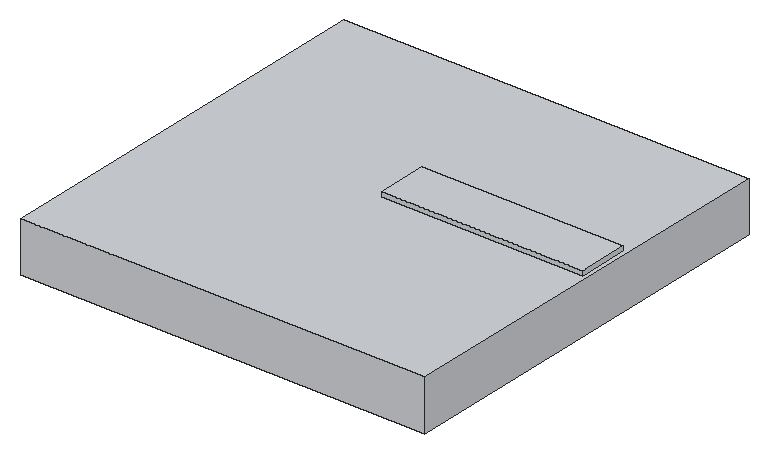
Revit family
Parameters
  Width = 1' - 0"
  URL = "www.coldspringgranite.com"
  TypicalJointSize = 0' - 0 1/4"
  StopDripRightVisibilityOn = and(and(DripOn), not(StopDripRightVisibilityOff))  # no
  StopDripRightVisibilityOff = and(DripStopRight = 0' 0", and(DripOn))  # yes
  StopDripLeftVisibilityOn = and(and(DripOn), not(StopDripLeftVisibilityOff))  # no
  StopDripLeftVisibilityOff = and(DripStopLeft = 0' 0", and(DripOn))  # yes
  StoneMaterial = none
  SettingSpace = Height + AirGap  # 0' - 2"
  Product Name = "Match Website"
  Product Documentation Link = "Website Address"
  PhoneNumber = "800-551-7502"
  Notes = ""
  Model = "N/A"
  Manufacturer = "Cold Spring Granite Company"
  Low Emitting Material = yes
  Low Emitting Finish = yes
  Location = "17482 Granite West Road, Cold Spring, MN 56320-4578"
  Length = 4' - 0"
  LEED Credit = ""
  Keynote = "044256"
  JointRightOff = no
  JointRight = if(JointRightOff, 0' 0", TypicalJointSize / 2)  # 0' - 0 1/8"
  JointLeftOff = no
  JointLeft = if(JointLeftOff, 0' 0", TypicalJointSize / 2)  # 0' - 0 1/8"
  Height = 0' - 1 3/16"
  DripWidth = 0' - 0 1/4"
  DripVisibilityOff = not(DripOn)  # no
  DripToEdge = 0' - 0 1/2"
  DripStopRight = 0' - 0"
  DripStopLeft = 0' - 0"
  DripOnProfile = if(DripOn, 0' 0", Height)  # 0' - 0"
  DripOn = yes
  DripDepth = 0' - 0 1/4"
  Description = "Stone Coping Flat"
  Default Elevation = 0' - 0"
  CapOverhang = 0' - 1"
  Assembly Code = "B2010160"
  AirGap = 0' - 0 13/16"
Reference planes (in)
  plane 1 "Center (Front/Back)": y = 0
  plane 2: z = 0
  plane 3 "Center (Left/Right)": x = 0
  plane 4 "StoneBack": y = 11
  plane 5 "StoneFront": y = -1
  plane 6 "StoneTop": z = 2
  plane 7 "StoneBottom": z = 0.8125
  plane 8 "Right": x = 48
  plane 9 "StoneRight": x = 47.875
  plane 10 "StoneLeft": x = 0.125
  plane 11 "StopDripLeft": x = 0.125
  plane 12 "StopDripRight": x = 47.875
  plane 13 "DripFront": y = -0.5
  plane 14 "DripBack": y = -0.25
  plane 15 "DripTop": z = 1.0625
  plane 16 "DripBottom": z = 0.8125
Forms (in)
  Extrusion 1, solid
    sketch origin (0, 0, 0) x (1, 0, 0) y (0, 1, 0)
      loop
        line (-48, 48) -> (-48, -48) -> (48, -48) -> (48, 48) -> (-48, 48)
    from 0 to -12
  Extrusion 2, solid, material <- "StoneMaterial", detail levels medium+fine
    sketch origin (0, 0, 0) x (0, 1, 0) y (0, 0, 1)
      loop
        line (11, 2) -> (-1, 2) -> (-1, 0.8125) -> (11, 0.8125) -> (11, 2)
    from 0.125 to 47.875
  Extrusion 3, solid, material <- "StoneMaterial", detail levels coarse
    sketch origin (0, 0, 0) x (0, 1, 0) y (0, 0, 1)
      loop
        line (11, 2) -> (-1, 2) -> (-1, 0.8125) -> (11, 0.8125) -> (11, 2)
    from 0 to 48
  Extrusion 4, void, detail levels medium+fine
    sketch origin (0, 0, 2) x (0, 1, 0) y (-1, 0, 0)
      loop
        line (-0.5, -0.125) -> (-0.5, -47.875) -> (-0.25, -47.875) -> (-0.25, -0.125) -> (-0.5, -0.125)
    from -1.1875 to -0.9375
Cuts and joins
  Extrusion 4 cuts Extrusion 2
  Extrusion 4 cuts Extrusion 3
Lines and regions (in)
  Masking region 1, detail levels medium+fine
    outline origin (0, 0, 0) x (1, 0, 0) y (0, 0, 1)
      loop
        line (0.125, 2) -> (0.125, 0.8125) -> (47.875, 0.8125) -> (47.875, 2) -> (0.125, 2)
  Masking region 2, detail levels coarse
    outline origin (0, 0, 0) x (1, 0, 0) y (0, 0, 1)
      loop
        line (0, 2) -> (0, 0.8125) -> (48, 0.8125) -> (48, 2) -> (0, 2)
  Masking region 3, detail levels coarse
    outline origin (0, 0, 2) x (0, 1, 0) y (-1, 0, 0)
      loop
        line (11, 0) -> (-1, 0) -> (-1, -48) -> (11, -48) -> (11, 0)
  Masking region 4, detail levels medium+fine
    outline origin (0, 0, 2) x (0, 1, 0) y (-1, 0, 0)
      loop
        line (11, -0.125) -> (-1, -0.125) -> (-1, -47.875) -> (11, -47.875) -> (11, -0.125)
  Masking region 5, visible <- "DripVisibilityOff"
    outline origin (0, 0, 0) x (0, 1, 0) y (0, 0, 1)
      loop
        line (11, 2) -> (-1, 2) -> (-1, 0.8125) -> (11, 0.8125) -> (11, 2)
  Masking region 6, visible <- "DripOn", detail levels medium+fine
    outline origin (0, 0, 0.8125) x (-1, 0, 0) y (0, -1, 0)
      loop
        line (-0.125, 0.25) -> (-0.125, 0.5) -> (-47.875, 0.5) -> (-47.875, 0.25) -> (-0.125, 0.25)
  Masking region 7, visible <- "DripOn", detail levels coarse
    outline origin (0, 0, 0) x (0, 1, 0) y (0, 0, 1)
      loop
        line (11, 2) -> (-1, 2) -> (-1, 0.8125) -> (11, 0.8125) -> (11, 2)
  Masking region 8, visible <- "StopDripLeftVisibilityOff", detail levels medium
    outline origin (0.125, 0, 0) x (0, 0, 1) y (0, -1, 0)
      loop
        line (0.8125, -11) -> (2, -11) -> (2, 1) -> (0.8125, 1) -> (0.8125, 0.5) -> (1.0625, 0.5) -> (1.0625, 0.25) -> (0.8125, 0.25) -> (0.8125, -11)
  Masking region 9, visible <- "StopDripRightVisibilityOff", detail levels medium
    outline origin (47.875, 0, 0) x (0, 0, 1) y (0, -1, 0)
      loop
        line (0.8125, -11) -> (2, -11) -> (2, 1) -> (0.8125, 1) -> (0.8125, 0.5) -> (1.0625, 0.5) -> (1.0625, 0.25) -> (0.8125, 0.25) -> (0.8125, -11)
  Masking region 10, visible <- "StopDripLeftVisibilityOn", detail levels medium
    outline origin (0.125, 0, 0) x (0, 0, 1) y (0, -1, 0)
      loop
        line (0.8125, -11) -> (2, -11) -> (2, 1) -> (0.8125, 1) -> (0.8125, -11)
  Masking region 11, visible <- "StopDripRightVisibilityOn", detail levels medium
    outline origin (47.875, 0, 0) x (0, 0, 1) y (0, -1, 0)
      loop
        line (0.8125, -11) -> (2, -11) -> (2, 1) -> (0.8125, 1) -> (0.8125, -11)
  Masking region 12, visible <- "DripOn", detail levels fine
    outline origin (0, 0, 0) x (0, 1, 0) y (0, 0, 1)
      loop
        line (11, 0.8125) -> (11, 2) -> (-1, 2) -> (-1, 0.8125) -> (-0.5, 0.8125) -> (-0.5, 1.0625) -> (-0.25, 1.0625) -> (-0.25, 0.8125) -> (11, 0.8125)
  symbolic lines, visible <- "DripOn", detail levels fine
    curve 1: line (0.125, 0, 0.8125) -> (0.125, 0, 1.0625)
    curve 2: line (0.125, 0, 1.0625) -> (47.875, 0, 1.0625)
    curve 3: line (47.875, 0, 0.8125) -> (47.875, 0, 1.0625)
Dimensions and locks (in)
  "Width": plane 4 "StoneBack" to plane 5 "StoneFront"
  "Height": plane 6 "StoneTop" to plane 7 "StoneBottom"
  "SettingSpace": plane 6 "StoneTop" to plane 2
  "Length": plane 8 "Right" to plane 3 "Center (Left/Right)"
  "JointLeft": plane 10 "StoneLeft" to plane 3 "Center (Left/Right)"
  "JointRight": plane 8 "Right" to plane 9 "StoneRight"
  "CapOverhang": plane 1 "Center (Front/Back)" to plane 5 "StoneFront"
  "DripToEdge": plane 13 "DripFront" to plane 5 "StoneFront"
  "DripWidth": plane 14 "DripBack" to plane 13 "DripFront"
  "DripOnProfile": plane 7 "StoneBottom" to plane 16 "DripBottom"
  "DripDepth": plane 15 "DripTop" to plane 16 "DripBottom"
  "DripStopLeft": plane 11 "StopDripLeft" to plane 10 "StoneLeft"
  "DripStopRight": plane 12 "StopDripRight" to plane 9 "StoneRight"
  aligned and locked: plane 2 to Extrusion 1
  aligned and locked: level to Extrusion 1
  aligned and locked: plane 6 "StoneTop" to Extrusion 2
  aligned and locked: plane 4 "StoneBack" to Extrusion 2
  aligned and locked: Extrusion 2 to plane 7 "StoneBottom"
  aligned and locked: Extrusion 2 to plane 5 "StoneFront"
  aligned and locked: plane 9 "StoneRight" to Extrusion 2
  aligned and locked: Extrusion 2 to plane 10 "StoneLeft"
  aligned: Extrusion 3 to level
  aligned and locked: Extrusion 3 to plane 5 "StoneFront"
  aligned and locked: plane 4 "StoneBack" to Extrusion 3
  aligned and locked: plane 6 "StoneTop" to Extrusion 3
  aligned and locked: plane 8 "Right" to Extrusion 3
  aligned and locked: Extrusion 3 to plane 3 "Center (Left/Right)"
  aligned and locked: Masking region 1 to plane 6 "StoneTop"
  aligned and locked: plane 9 "StoneRight" to Masking region 1
  aligned and locked: Masking region 1 to plane 10 "StoneLeft"
  aligned and locked: Masking region 1 to plane 7 "StoneBottom"
  aligned and locked: Masking region 2 to plane 6 "StoneTop"
  aligned and locked: plane 8 "Right" to Masking region 2
  aligned and locked: Masking region 2 to plane 3 "Center (Left/Right)"
  aligned: Masking region 2 to plane 2
  aligned and locked: Masking region 3 to plane 5 "StoneFront"
  aligned and locked: Masking region 3 to plane 4 "StoneBack"
  aligned and locked: plane 8 "Right" to Masking region 3
  aligned and locked: Masking region 3 to plane 3 "Center (Left/Right)"
  aligned and locked: Masking region 4 to plane 5 "StoneFront"
  aligned and locked: Masking region 4 to plane 4 "StoneBack"
  aligned and locked: Masking region 4 to plane 10 "StoneLeft"
  aligned and locked: plane 9 "StoneRight" to Masking region 4
  aligned and locked: Masking region 5 to plane 4 "StoneBack"
  aligned and locked: plane 5 "StoneFront" to Masking region 5
  aligned and locked: plane 7 "StoneBottom" to Masking region 5
  aligned and locked: Masking region 5 to plane 6 "StoneTop"
  aligned and locked: plane 7 "StoneBottom" to Extrusion 3 sketch curve
  aligned and locked: Masking region 2 sketch curve to plane 7 "StoneBottom"
  aligned and locked: Extrusion 4 sketch curve to plane 13 "DripFront"
  aligned and locked: Extrusion 4 sketch curve to plane 14 "DripBack"
  aligned and locked: Extrusion 4 sketch curve to plane 11 "StopDripLeft"
  aligned and locked: Extrusion 4 sketch curve to plane 12 "StopDripRight"
  aligned and locked: Extrusion 4 to plane 16 "DripBottom"
  aligned and locked: Extrusion 4 to plane 15 "DripTop"
  aligned and locked: plane 15 "DripTop" to curve 1
  aligned and locked: plane 16 "DripBottom" to curve 1
  aligned and locked: curve 3 to plane 15 "DripTop"
  aligned and locked: curve 3 to plane 16 "DripBottom"
  aligned and locked: curve 1 to plane 11 "StopDripLeft"
  aligned and locked: curve 3 to plane 12 "StopDripRight"
  aligned and locked: plane 12 "StopDripRight" to curve 2
  aligned and locked: plane 11 "StopDripLeft" to curve 2
  aligned and locked: Masking region 6 sketch curve to plane 14 "DripBack"
  aligned and locked: Masking region 6 sketch curve to plane 13 "DripFront"
  aligned and locked: Masking region 6 sketch curve to plane 11 "StopDripLeft"
  aligned and locked: Masking region 6 sketch curve to plane 12 "StopDripRight"
  aligned and locked: plane 6 "StoneTop" to Masking region 7 sketch curve
  aligned and locked: plane 4 "StoneBack" to Masking region 7 sketch curve
  aligned and locked: plane 5 "StoneFront" to Masking region 7 sketch curve
  aligned and locked: plane 16 "DripBottom" to Masking region 7 sketch curve
  aligned and locked: plane 4 "StoneBack" to Masking region 8 sketch curve
  aligned and locked: plane 5 "StoneFront" to Masking region 8 sketch curve
  aligned and locked: plane 6 "StoneTop" to Masking region 8 sketch curve
  aligned and locked: plane 16 "DripBottom" to Masking region 8 sketch curve
  aligned and locked: plane 15 "DripTop" to Masking region 8 sketch curve
  aligned and locked: plane 13 "DripFront" to Masking region 8 sketch curve
  aligned and locked: plane 14 "DripBack" to Masking region 8 sketch curve
  aligned and locked: Masking region 8 sketch curve to plane 16 "DripBottom"
  aligned and locked: plane 4 "StoneBack" to Masking region 9 sketch curve
  aligned and locked: plane 6 "StoneTop" to Masking region 9 sketch curve
  aligned and locked: plane 5 "StoneFront" to Masking region 9 sketch curve
  aligned and locked: plane 13 "DripFront" to Masking region 9 sketch curve
  aligned and locked: plane 14 "DripBack" to Masking region 9 sketch curve
  aligned and locked: plane 16 "DripBottom" to Masking region 9 sketch curve
  aligned and locked: plane 15 "DripTop" to Masking region 9 sketch curve
  aligned and locked: Masking region 9 sketch curve to plane 16 "DripBottom"
  aligned and locked: plane 4 "StoneBack" to Masking region 10 sketch curve
  aligned and locked: plane 6 "StoneTop" to Masking region 10 sketch curve
  aligned and locked: plane 5 "StoneFront" to Masking region 10 sketch curve
  aligned and locked: plane 16 "DripBottom" to Masking region 10 sketch curve
  aligned and locked: plane 4 "StoneBack" to Masking region 11 sketch curve
  aligned and locked: plane 6 "StoneTop" to Masking region 11 sketch curve
  aligned and locked: plane 5 "StoneFront" to Masking region 11 sketch curve
  aligned and locked: plane 16 "DripBottom" to Masking region 11 sketch curve
  aligned and locked: plane 4 "StoneBack" to Masking region 12 sketch curve
  aligned and locked: plane 6 "StoneTop" to Masking region 12 sketch curve
  aligned and locked: plane 5 "StoneFront" to Masking region 12 sketch curve
  aligned and locked: plane 14 "DripBack" to Masking region 12 sketch curve
  aligned and locked: plane 13 "DripFront" to Masking region 12 sketch curve
  aligned and locked: plane 16 "DripBottom" to Masking region 12 sketch curve
  aligned and locked: plane 15 "DripTop" to Masking region 12 sketch curve
  aligned and locked: Masking region 12 sketch curve to plane 16 "DripBottom"
Automatic sketch dimensions
  Extrusion 1 sketch curve to Extrusion 1 sketch curve = 8' - 0"  (x2)
  Extrusion 2 sketch curve to plane 5 "StoneFront" = 0' - 0"
  Extrusion 2 sketch curve to plane 4 "StoneBack" = 0' - 0"
  Extrusion 2 sketch curve to plane 7 "StoneBottom" = 0' - 0"
  Extrusion 2 sketch curve to plane 6 "StoneTop" = 0' - 0"
  Extrusion 3 sketch curve to plane 5 "StoneFront" = 0' - 0"
  plane 4 "StoneBack" to Extrusion 3 sketch curve = 0' - 0"
  plane 6 "StoneTop" to Extrusion 3 sketch curve = 0' - 0"
  plane 3 "Center (Left/Right)" to Masking region 1 sketch curve = 0' - 0 1/8"
  Masking region 1 sketch curve to plane 8 "Right" = 0' - 0 1/8"
  level to Masking region 1 sketch curve = 0' - 0 13/16"
  plane 6 "StoneTop" to Masking region 1 sketch curve = 0' - 0"
  Masking region 2 sketch curve to plane 3 "Center (Left/Right)" = 0' - 0"
  plane 8 "Right" to Masking region 2 sketch curve = 0' - 0"
  plane 6 "StoneTop" to Masking region 2 sketch curve = 0' - 0"
  Masking region 3 sketch curve to plane 5 "StoneFront" = 0' - 0"
  plane 4 "StoneBack" to Masking region 3 sketch curve = 0' - 0"
  plane 8 "Right" to Masking region 3 sketch curve = 0' - 0"
  Masking region 3 sketch curve to plane 3 "Center (Left/Right)" = 0' - 0"
  Masking region 4 sketch curve to plane 5 "StoneFront" = 0' - 0"
  plane 4 "StoneBack" to Masking region 4 sketch curve = 0' - 0"
  Masking region 4 sketch curve to plane 8 "Right" = 0' - 0 1/8"
  plane 3 "Center (Left/Right)" to Masking region 4 sketch curve = 0' - 0 1/8"
  Masking region 5 sketch curve to plane 5 "StoneFront" = 0' - 0"
  plane 4 "StoneBack" to Masking region 5 sketch curve = 0' - 0"
  level to Masking region 5 sketch curve = 0' - 0 13/16"
  plane 6 "StoneTop" to Masking region 5 sketch curve = 0' - 0"
Nested families (in)
  nested 1: "CopyRight" at (0, 0, 2), type "CopyRight"
Definition of nested family "CopyRight"
  Parameters (values of type "CopyRight")
    CopyRight = "Cold Spring Granite Company"
  Reference planes (in)
    plane 1: z = 0
